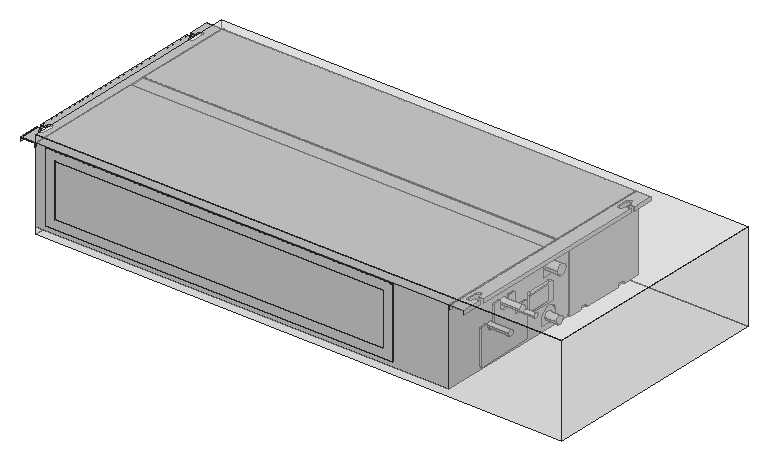
Revit family "outputfile", category 機械設備, Revit 2024
Family settings
  丸型コネクタ寸法 = 半径を使用
  パーツ タイプ = 標準
  OmniClass 番号 = 23.75.10.24.21.27.27
  OmniClass タイトル = Split System Air Conditioning Units
  作業面ベース = いいえ
  常に垂直 = はい
  ロード時にボイドで切り取り = いいえ
  注釈の向きを維持 = いいえ
  共有 = いいえ
  部屋計算ポイント = はい
Parameters (values of type "FPRSQ63APVM")
  Description = ""
  製造元 = "Daikin"
  書き出し IFC クラス(タイプ) = "IfcUnitaryEquipmentType"
  定義済み IFC タイプ(タイプ) = "AIRCONDITIONINGUNIT"
  Cost = 0
  モデル = "FPRSQ63APVM"
  Type Comments = ""
  Keynote = ""
  Type Image = (empty or 0)
  Assembly Code = ""
  r_HP/LP Gas Pipe Size = [HP/LP Gas Pipe Size] / 2  # 6.35 mm
  lw_suctionflange = 40.0 mm  # constant formula
  r_Liquid Pipe Size = Liquid Pipe Size / 2  # 4.75 mm
  r_Gas Pipe Size = Gas Pipe Size / 2  # 7.95 mm
  r_Drain Pipe Size = Drain Pipe Size / 2  # 13.0 mm
  lw_dischargeflange = 60.0 mm
  lw_SA_left = 551.0 mm
  lw_SA = Width - 178.0 mm  # 922.0 mm
  lw_RA = 1018.0 mm
  lw_HP/LP Gas = 60.0 mm  # constant formula
  lh_suctionflange [instance] = if(Rear Connection_Return Air, -100.0 mm, -10.0 mm)  # -100.0 mm
  lh_power = 100.0 mm  # constant formula
  lh_mountinghole1 = lh_mountinghole  # 200.0 mm
  lh_dischargeflange = 105.5 mm  # constant formula
  lh_RA = 198.0 mm  # constant formula
  lh_HP/LP Gas = -103.0 mm  # constant formula
  left_pipe = yes
  ld_dischargeflange = 310.0 mm  # constant formula
  ld_suctionflange [instance] = if(Rear Connection_Return Air, 190.0 mm, 100.0 mm)  # 190.0 mm
  ld_HP/LP Gas = 179.0 mm  # constant formula
  angle_vertical_RA [instance] = if(Rear Connection_Return Air, 90.00°, 0.00°)  # 90.00°
  angle horizontal_RA [instance] = if(Rear Connection_Return Air, 180.00°, 270.00°)  # 180.00°
  Voltage_comment_60Hz = "220-230"
  Voltage_comment_50Hz = "220 - 240"
  Voltage_60Hz = 220 V
  Voltage_50Hz = 230 V
  URL = ""
  Supply Air Direction [instance] = yes
  Sound Power Level_H speed (dB) = 0
  Rear Connection_Return Air [instance] = not(Bottom Connection_Return Air)  # yes
  ld_RA = 190.0 mm  # constant formula
  Phase_60Hz = 1
  Phase_50Hz = 1
  Minimum External Static Pressure = 0.00 Pa
  Minimum Circuit Amps_60Hz = 0.75 A
  Minimum Circuit Amps_50Hz = 0.75 A
  Maximum Fuse Amps_60Hz = 16.0 A
  Maximum Fuse Amps_50Hz = 16.0 A
  Maximum External Static Pressure = 10.00 Pa
  Material_Casing = DAIKIN_GalvanizedSteel_Casing_indoorunit
  lw_mountinghole = 1140.0 mm
  lh_gaspipe = -67.0 mm  # constant formula
  lh_mountinghole = 200.0 mm  # constant formula
  lh_liquidpipe = -103.0 mm  # constant formula
  lh_drainpipe = -50.0 mm  # constant formula
  lh_antena = 1.0 mm  # constant formula
  ld_drainpipe = 23.0 mm  # constant formula
  ld_liquidpipe = 89.0 mm  # constant formula
  ld_gaspipe = 134.0 mm  # constant formula
  ld_mountinghole = 500.0 mm  # constant formula
  h*** = 100.0 mm  # constant formula
  lw_liquidpipe = 54.5 mm  # constant formula
  lw_gaspipe = 54.5 mm  # constant formula
  lw_drainpipe = 33.0 mm  # constant formula
  Width = 1100.0 mm
  Version = "ver.1.0"
  Unit Type = "Moisture Control Intelligent 3D Air Flow Ceiling Mounted Duct Type"
  Unit Mass Weight = 32.00 kg
  Unit Designation [instance] = ""
  Uniclass2015Version = "Products v1.30"
  Uniclass2015Title = "Variable refrigerant flow units"
  Uniclass2015Code = "Pr_70_65_03_94"
  Total Cooling Capacity [instance] = 0.000 kW
  Sound Pressure Level_M speed (dBA) = 33
  Sound Pressure Level_L speed (dBA) = 31
  Sound Pressure Level_H speed (dBA) = 37
  Series = "VRV HOME_Fan Coil Unit"
  Sensible Cooling Capacity [instance] = 0.000 kW
  SA Duct Size Width = 856.0 mm
  SA Duct Size Height = 141.0 mm
  Refrigerant Type = "R410A"
  RA Duct Size Width = 980.0 mm
  RA Duct Size Height = 160.0 mm
  Power Input (Cooling) = 0.072 kW
  Option Accessory 3 [instance] = ""
  Option Accessory 2 [instance] = ""
  Option Accessory 1 [instance] = ""
  Nominal Cooling Capacity = 7.100 kW
  Minimum Airflow = 780.00 m³/h
  Median Airflow = 900.00 m³/h
  Maximum Airflow = 1050.00 m³/h
  Load Classification = HVAC
  Liquid Pipe Size = 9.5 mm
  Link_Nested Family [instance] = ""
  IfcVersion = ""
  IfcExportType = "AIRCONDITIONINGUNIT"
  IfcExportAs = "IfcUnitaryEquipmentType"
  Height = 200.0 mm
  Heat Exchanger Type = "Cross Fin Coil"
  HP/LP Gas Pipe Size = 12.7 mm
  Gas Pipe Size = 15.9 mm
  Frequency_60Hz = 60 Hz
  Frequency_50Hz = 50 Hz
  Fan Type = "Sirocco Fan"
  Fan Drive = "Direct Drive"
  FCU Tag No. [instance] = ""
  Drain Pipe Size = 26.0 mm
  Design Supply Airflow [instance] = 0.00 m³/h
  Design Return Airflow [instance] = 0.00 m³/h
  Design External Static Pressure [instance] = 0.00 Pa
  Depth = 620.0 mm
  既定の高さ = 0.0 mm
  Cooling Entering Wet Bulb Temperature [instance] = 0.00 °C
  Cooling Entering Dry Bulb Temperature [instance] = 0.00 °C
  Cooling Ambient Wet Bulb Temperature [instance] = 0.00 °C
  Cooling Ambient Dry Bulb Temperature [instance] = 0.00 °C
  Clearance visibility [instance] = yes
  Clearance Top = 20.0 mm
  Clearance Right = 300.0 mm
  Clearance Rear = 0.0 mm
  Clearance Left = 0.0 mm
  Clearance Front = 0.0 mm
  Clearance Bottom = 20.0 mm
  Bottom Connection_Return Air [instance] = no
Reference planes
  plane 1 "Center (Front/Back)": y = 0
  plane 2 "h": z = 0
  plane 3 "Center (Left/Right)": x = 0
  plane 4 "Back": y = 310
  plane 5 "Front": y = -310
  plane 6 "Left": x = -550
  plane 7 "Reight": x = 550
  plane 8 "Top": z = 0
  plane 9 "Bottom": z = -200
  plane 10: z = 1.2
  plane 11: z = -2
  plane 12: y = -136.255
  plane 13: y = -88.831
  plane 14: x = -370
  plane 15 "lh_mountinghole": z = 0
  plane 16: z = -50
  plane 17: y = -250
  plane 18: y = 250
  plane 19 "ld_liquidpipe": y = -89
  plane 20 "ld_gaspipe": y = -134
  plane 21: y = -215
  plane 22 "ld_drainpipe": y = 23
  plane 23: x = -570
  plane 24: x = -550
  plane 25: x = 548.7
  plane 26: x = 583
  plane 27: x = 557
  plane 28: x = 560
  plane 29: x = 558
  plane 30: x = 570
  plane 31: y = 20
  plane 32: x = 580
  plane 33: x = 548
  plane 34: y = 310
  plane 35: y = -310
  plane 36: x = -550
  plane 37: x = 850
  plane 38: z = 20
  plane 39: z = -220
  plane 40: y = 335
  plane 41: z = -198
  plane 42: z = 205.102
  plane 43 "d_liquid_pipe": x = 604.5
  plane 44 "d_gas_pipe": x = 604.5
  plane 45 "ld_SA": y = -310
  plane 46: x = -350
  plane 47: x = -60
  plane 48: y = 500
  plane 49: z = -94.5
  plane 50: x = -549
  plane 51: z = -199
  plane 52: z = -1
  plane 53: y = 120
  plane 54: y = 110
  plane 55: z = -10
  plane 56 "RA_width": x = -40
  plane 57: y = 210
  plane 58 "RA_depth": y = 120
  plane 59: z = -100
  plane 60: x = -349
  plane 61: y = 309
  plane 62: x = 441.57
  plane 63: z = -30
  plane 64 "ld_HP/LP Gas": y = -179
  plane 65: x = 610
  plane 66: x = 530.5
  plane 67: y = 260.8
  plane 68 "h115": z = -84.79
  plane 69: y = 194.79
Forms (mm)
  Extrusion 1, solid, material "DAIKIN_GalvanizedSteel_Casing_indoorunit" <- "Material_Casing"
    sketch origin (0, 0, 0) x (1, 0, 0) y (0, 1, 0)
      loop
        line (-550, 310) -> (-550, -310) -> (550, -310) -> (550, 310) -> (-550, 310)
    from -200 to 0
  Extrusion 2, solid, material "DAIKIN_GalvanizedSteel_Casing_indoorunit" <- "Material_Casing"
    sketch origin (0, 0, 0) x (0, 1, 0) y (0, 0, 1)
      loop
        arc (22.012, -86.909) -> (21.133, -84.787) -> (19.012, -83.909) r 3
        line (19.012, -83.909) -> (-47.992, -83.909)
        arc (-47.992, -83.909) -> (-50.114, -84.788) -> (-50.992, -86.91) r 3
        line (-50.992, -86.91) -> (-50.992, -128.409)
        arc (-50.992, -128.409) -> (-50.114, -130.53) -> (-47.992, -131.409) r 3
        line (-47.992, -131.409) -> (19.012, -131.409)
        arc (19.012, -131.409) -> (21.133, -130.53) -> (22.012, -128.409) r 3
        line (22.012, -128.409) -> (22.012, -86.909)
    from 550 to 560
  Extrusion 3, void
    sketch origin (0, 0, 0) x (1, 0, 0) y (0, 1, 0)
      loop
        line (548.7, 48.53) -> (-550, 48.53) -> (-550, 6.27) -> (548.7, 6.27) -> (548.7, 48.53)
    from -2 to 0
  Extrusion 4, void
    sketch origin (0, 0, 0) x (0, 1, 0) y (0, 0, 1)
      loop
        line (-138.492, -87.409) -> (-138.492, -127.909) -> (9.612, -127.909) -> (9.612, -87.409) -> (-138.492, -87.409)
    from 558 to 560
  Extrusion 5, solid, material "DAIKIN_GalvanizedSteel_Casing_indoorunit" <- "Material_Casing"
    sketch origin (0, 0, 0) x (0, 1, 0) y (0, 0, 1)
      loop
        circle (20, -170) r 10
    from 550 to 580
  Extrusion 6, solid, material "DAIKIN_GalvanizedSteel_Casing_indoorunit" <- "Material_Casing"
    sketch origin (0, 0, 0) x (0, 1, 0) y (0, 0, 1)
      loop
        circle (23, -50) r 13
    from 548 to 583
  Extrusion 7, void
    sketch origin (0, 0, 0) x (0, 1, 0) y (0, 0, 1)
      loop
        arc (2.051, -70.461) -> (3.512, -73.988) -> (7.039, -75.449) r 4.988
        line (7.039, -75.449) -> (38.961, -75.449)
        arc (38.961, -75.449) -> (42.488, -73.988) -> (43.949, -70.461) r 4.988
        line (43.949, -70.461) -> (43.949, -34.039)
        arc (43.949, -34.039) -> (42.488, -30.512) -> (38.961, -29.051) r 4.988
        line (38.961, -29.051) -> (7.039, -29.051)
        arc (7.039, -29.051) -> (3.512, -30.512) -> (2.051, -34.039) r 4.988
        line (2.051, -34.039) -> (2.051, -70.461)
      loop
        arc (44.442, -169.501) -> (20.002, -145.061) -> (-4.438, -169.501) r 24.44
        line (-4.438, -169.501) -> (-4.438, -189.537) -> (44.442, -189.537) -> (44.442, -169.501)
    from 548 to 550
  Extrusion 8, solid
    sketch origin (0, 0, 0) x (0, 1, 0) y (0, 0, 1)
      loop
        circle (-89, -103) r 4.75
    from 550 to 604.5
  Extrusion 9, solid
    sketch origin (0, 0, 0) x (0, 1, 0) y (0, 0, 1)
      loop
        circle (-134, -67) r 7.95
    from 550 to 604.5
  Extrusion 10, solid, material "DAIKIN_GalvanizedSteel_Casing_indoorunit" <- "Material_Casing"
    sketch origin (0, 0, 0) x (1, 0, 0) y (0, 1, 0)
      loop
        circle (530.5, 260.8) r 17.5
    from -198 to -200
  Extrusion 11, void
    sketch origin (0, 0, 0) x (1, 0, 0) y (0, 0, 1)
      loop
        line (-549, -1) -> (-549, -199) -> (469, -199) -> (469, -1) -> (-549, -1)
    from -310 to -120
  Extrusion 12, void
    sketch origin (0, 0, 0) x (1, 0, 0) y (0, 1, 0)
      loop
        line (-549, 309) -> (-549, 111) -> (469, 111) -> (469, 309) -> (-549, 309)
    from -200 to -10
  Extrusion 13, solid, material "DAIKIN_GalvanizedSteel_Casing_indoorunit" <- "Material_Casing", visible <- "Rear Connection_Return Air"
    sketch origin (0, 0, 0) x (1, 0, 0) y (0, 1, 0)
      loop
        line (469, 309) -> (-549, 309) -> (-549, 111) -> (469, 111) -> (469, 309)
    from -200 to -199
  Extrusion 14, solid, material "DAIKIN_GalvanizedSteel_Casing_indoorunit" <- "Material_Casing", visible <- "Bottom Connection_Return Air"
    sketch origin (0, 0, 0) x (1, 0, 0) y (0, 0, 1)
      loop
        line (469, -1) -> (-549, -1) -> (-549, -199) -> (469, -199) -> (469, -1)
    from -310 to -300
  Extrusion 15, solid
    sketch origin (0, 0, 0) x (0, 1, 0) y (0, 0, 1)
      loop
        circle (-179, -103) r 6.35
    from 550 to 610
  Extrusion 16, solid, material "DAIKIN_GalvanizedSteel_Casing_indoorunit" <- "Material_Casing"
    sketch origin (0, 0, 0) x (0, 1, 0) y (0, 0, 1)
      loop
        arc (83.953, -195.012) -> (84.829, -197.128) -> (86.945, -198.005) r 2.993
        line (86.945, -198.005) -> (116.373, -198.005)
        arc (116.373, -198.005) -> (118.489, -197.128) -> (119.366, -195.012) r 2.993
        line (119.366, -195.012) -> (119.366, -188.29)
        arc (119.366, -188.29) -> (120.862, -186.794) -> (122.359, -188.29) r 1.496
        line (122.359, -188.29) -> (122.359, -190.333) -> (137.322, -190.333) -> (137.322, -188.29)
        arc (137.322, -188.29) -> (138.818, -186.794) -> (140.315, -188.29) r 1.496
        line (140.315, -188.29) -> (140.315, -195.012)
        arc (140.315, -195.012) -> (141.191, -197.128) -> (143.307, -198.005) r 2.993
        line (143.307, -198.005) -> (241.068, -198.005)
        arc (241.068, -198.005) -> (243.185, -197.128) -> (244.061, -195.012) r 2.993
        line (244.061, -195.012) -> (244.061, -188.29)
        arc (244.061, -188.29) -> (245.558, -186.794) -> (247.054, -188.29) r 1.496
        line (247.054, -188.29) -> (247.054, -190.333) -> (262.017, -190.333) -> (262.017, -188.29)
        arc (262.017, -188.29) -> (263.514, -186.794) -> (265.01, -188.29) r 1.496
        line (265.01, -188.29) -> (265.01, -195.012)
        arc (265.01, -195.012) -> (265.887, -197.128) -> (268.003, -198.005) r 2.993
        line (268.003, -198.005) -> (310, -198.005) -> (310, -22.445) -> (280.969, -22.445) -> (277.477, -25.937) -> (207.648, -25.937) -> (204.157, -22.445) -> (86.945, -22.445)
        arc (86.945, -22.445) -> (84.829, -23.322) -> (83.953, -25.438) r 2.993
        line (83.953, -25.438) -> (83.953, -195.012)
      loop
        arc (-116.44, -57.656) -> (-118.563, -58.535) -> (-119.443, -60.659) r 3.003
        line (-119.443, -60.659) -> (-119.443, -71.5)
        arc (-119.443, -71.5) -> (-134, -86.057) -> (-148.557, -71.5) r 14.557
        line (-148.557, -71.5) -> (-148.557, -60.659)
        arc (-148.557, -60.659) -> (-149.437, -58.535) -> (-151.56, -57.656) r 3.003
        line (-151.56, -57.656) -> (-164.073, -57.656)
        arc (-164.073, -57.656) -> (-166.196, -58.535) -> (-167.076, -60.659) r 3.003
        line (-167.076, -60.659) -> (-167.076, -103)
        arc (-167.076, -103) -> (-179.13, -115.055) -> (-191.185, -103) r 12.055
        line (-191.185, -103) -> (-191.185, -98.897)
        arc (-191.185, -98.897) -> (-192.064, -96.774) -> (-194.188, -95.894) r 3.003
        line (-194.188, -95.894) -> (-208.202, -95.894)
        arc (-208.202, -95.894) -> (-210.325, -96.774) -> (-211.205, -98.897) r 3.003
        line (-211.205, -98.897) -> (-211.205, -189.537) -> (-58.882, -189.537) -> (-58.882, -98.897)
        arc (-58.882, -98.897) -> (-59.762, -96.774) -> (-61.885, -95.894) r 3.003
        line (-61.885, -95.894) -> (-74.026, -95.894)
        arc (-74.026, -95.894) -> (-76.15, -96.774) -> (-77.029, -98.897) r 3.003
        line (-77.029, -98.897) -> (-77.029, -103)
        arc (-77.029, -103) -> (-88.977, -114.948) -> (-100.924, -103) r 11.948
        line (-100.924, -103) -> (-100.924, -60.659)
        arc (-100.924, -60.659) -> (-101.804, -58.535) -> (-103.927, -57.656) r 3.003
        line (-103.927, -57.656) -> (-116.44, -57.656)
    from 550 to 557
  Revolve 17, solid, material "DAIKIN_GalvanizedSteel_Casing_indoorunit" <- "Material_Casing", visible <- "left_pipe"
    sketch origin (0, 0, -84.79) x (0, 1, 0) y (-1, 0, 0)
      loop
        line (194.79, 550) -> (194.79, 565.7) -> (187.29, 565.7) -> (187.29, 558.7) -> (177.29, 558.7) -> (177.29, 550) -> (194.79, 550)
      axis (194.79, 565.7) -> (194.79, 550)
    angle from 0 to 360
Cuts and joins
  Extrusion 3, Extrusion 4, Extrusion 7, Extrusion 11, Extrusion 12 cuts Extrusion 1
  Extrusion 4 cuts Extrusion 2
  Extrusion 11 cuts Extrusion 6
Dimensions and locks
  "Height": plane 8 "Top" to plane 9 "Bottom"
  locked: plane 10 to plane 8 "Top" at 1.2
  locked: plane 8 "Top" to plane 11 at 2
  equal spacing: plane 17, plane 1 "Center (Front/Back)", plane 18
  "ld_mountinghole": plane 17 to plane 18
  "ld_gaspipe": plane 20 "ld_gaspipe" to plane 1 "Center (Front/Back)"
  "ld_liquidpipe": plane 19 "ld_liquidpipe" to plane 1 "Center (Front/Back)"
  equal spacing: plane 4 "Back", plane 1 "Center (Front/Back)", plane 5 "Front"
  "Depth": plane 4 "Back" to plane 5 "Front"
  locked: plane 12 to plane 1 "Center (Front/Back)" at 136.255
  locked: plane 12 to plane 13 at 47.425
  locked: plane 13 to plane 1 "Center (Front/Back)" at 88.831
  equal spacing: plane 6 "Left", plane 3 "Center (Left/Right)", plane 7 "Reight"
  "Width": plane 6 "Left" to plane 7 "Reight"
  "lw_drainpipe": plane 7 "Reight" to plane 26
  locked: plane 7 "Reight" to plane 27 at 7
  locked: plane 28 to plane 26 at 23
  locked: plane 29 to plane 26 at 25
  equal spacing: plane 23, plane 3 "Center (Left/Right)", plane 30
  "lw_mountinghole": plane 23 to plane 30
  locked: plane 7 "Reight" to plane 32 at 30
  locked: plane 33 to plane 7 "Reight" at 2
  "Clearance Left": plane 36 to plane 6 "Left"
  "Clearance Right": plane 7 "Reight" to plane 37
  "Clearance Rear": plane 34 to plane 4 "Back"
  "Clearance Front": plane 5 "Front" to plane 35
  "Clearance Top": plane 38 to plane 8 "Top"
  "Clearance Bottom": plane 9 "Bottom" to plane 39
  locked: plane 40 to plane 4 "Back" at 25
  locked: plane 25 to plane 7 "Reight" at 1.3
  locked: plane 41 to plane 9 "Bottom" at 2
  "lw_liquidpipe": plane 7 "Reight" to plane 43 "d_liquid_pipe"
  "lw_gaspipe": plane 7 "Reight" to plane 44 "d_gas_pipe"
  "lh_mountinghole": plane 15 "lh_mountinghole" to plane 9 "Bottom"
  "ld_suctionflange": plane 48 to plane 4 "Back"
  "lw_dischargeflange": plane 47 to plane 3 "Center (Left/Right)"
  "lh_dischargeflange": plane 49 to plane 9 "Bottom"
  locked: plane 8 "Top" to plane 52 at 1
  locked: plane 50 to plane 6 "Left" at 1
  locked: plane 51 to plane 9 "Bottom" at 1
  locked: plane 55 to plane 9 "Bottom" at 190
  locked: plane 4 "Back" to plane 53 at 190
  locked: plane 4 "Back" to plane 54 at 200
  locked: plane 4 "Back" to plane 57 at 100
  "lw_suctionflange": plane 56 "RA_width" to plane 3 "Center (Left/Right)"
  "ld_suctionflange": plane 4 "Back" to plane 58 "RA_depth"
  "lh_power": plane 59 to plane 9 "Bottom"
  locked: plane 46 to plane 60 at 1
  locked: plane 34 to plane 61 at 1
  locked: plane 8 "Top" to plane 63 at 30
  locked: plane 7 "Reight" to plane 62 at 108.43
  locked: plane 16 to plane 9 "Bottom" at 150
  locked: Extrusion 3 sketch curve to Extrusion 3 sketch curve at 42.26
  "ld_HP/LP Gas": plane 64 "ld_HP/LP Gas" to plane 1 "Center (Front/Back)"
  "ld_drainpipe": plane 1 "Center (Front/Back)" to plane 22 "ld_drainpipe"
  locked: plane 1 "Center (Front/Back)" to plane 31 at 20
  locked: Extrusion 5 sketch curve to plane 9 "Bottom" at 30
  Extrusion 15 sketch curve to plane 9 "Bottom" = 97.0 mm
  "lw_HP/LP Gas": plane 7 "Reight" to plane 65
  locked: Extrusion 9 sketch curve to plane 9 "Bottom" at 133
  locked: Extrusion 8 sketch curve to plane 9 "Bottom" at 97
  plane 66 to plane 7 "Reight" = 19.5 mm
  locked: plane 68 "h115" to plane 9 "Bottom" at 115.21
  locked: plane 4 "Back" to plane 69 at 115.21
  Revolve 17 sketch curve to plane 6 "Left" = 8.7 mm
  Revolve 17 sketch curve to plane 6 "Left" = 15.7 mm
  locked: plane 69 to Revolve 17 sketch curve at 17.5
  locked: plane 69 to Revolve 17 sketch curve at 7.5
  "ld_dischargeflange": plane 45 "ld_SA" to plane 1 "Center (Front/Back)"
  plane 4 "Back" to cut or joined group of Extrusion 1, Extrusion 3, Extrusion 4, Extrusion 7, Extrusion 11, Extrusion 12 = 261.47 mm
  plane 4 "Back" to plane 67 = 49.2 mm
  "Drain Pipe Size": diameter of Extrusion 6 sketch curve
  "Liquid Pipe Size": diameter of Extrusion 8 sketch curve
  "Gas Pipe Size": diameter of Extrusion 9 sketch curve
  "HP/LP Gas Pipe Size": diameter of Extrusion 15 sketch curve
  aligned and locked: level to plane 2 "h"
  aligned and locked: plane 8 "Top" to Extrusion 1
  aligned and locked: Extrusion 1 to plane 9 "Bottom"
  aligned and locked: Extrusion 3 to plane 11
  aligned and locked: plane 8 "Top" to Extrusion 3
  aligned and locked: Extrusion 2 to Extrusion 4
  aligned and locked: nested 3 to plane 20 "ld_gaspipe"
  aligned and locked: nested 4 to plane 19 "ld_liquidpipe"
  aligned and locked: nested 5 to plane 22 "ld_drainpipe"
  aligned and locked: nested 1 to plane 7 "Reight"
  aligned and locked: plane 6 "Left" to plane 24
  aligned and locked: Extrusion 3 sketch curve to plane 24
  aligned and locked: Extrusion 3 sketch curve to plane 25
  aligned and locked: cut or joined group of Extrusion 1, Extrusion 3, Extrusion 4, Extrusion 7, Extrusion 11, Extrusion 12 to plane 6 "Left"
  aligned and locked: plane 7 "Reight" to cut or joined group of Extrusion 1, Extrusion 3, Extrusion 4, Extrusion 7, Extrusion 11, Extrusion 12
  aligned and locked: plane 26 to Extrusion 6
  aligned and locked: Extrusion 6 to plane 26  (x2)
  aligned and locked: plane 7 "Reight" to nested 1
  aligned and locked: plane 28 to cut or joined group of Extrusion 2, Extrusion 4
  aligned and locked: cut or joined group of Extrusion 2, Extrusion 4 to plane 29
  aligned and locked: nested 2 to plane 6 "Left"
  aligned and locked: plane 31 to Extrusion 5 sketch curve
  aligned and locked: Extrusion 5 to plane 7 "Reight"
  aligned and locked: plane 32 to Extrusion 5
  aligned and locked: Extrusion 2 to plane 7 "Reight"
  aligned and locked: plane 7 "Reight" to Extrusion 7
  aligned and locked: plane 33 to Extrusion 7
  aligned and locked: plane 33 to Extrusion 6
  aligned and locked: plane 3 "Center (Left/Right)" to nested 6
  aligned and locked: plane 1 "Center (Front/Back)" to nested 6
  aligned and locked: plane 4 "Back" to cut or joined group of Extrusion 1, Extrusion 3, Extrusion 4, Extrusion 7, Extrusion 11, Extrusion 12
  aligned and locked: nested 7 to plane 35
  aligned and locked: plane 36 to nested 7
  aligned and locked: plane 37 to nested 7
  aligned and locked: nested 7 to plane 36
  aligned and locked: plane 34 to nested 7
  aligned and locked: plane 38 to nested 7
  aligned and locked: plane 39 to nested 7
  aligned and locked: Extrusion 8 to plane 7 "Reight"
  aligned and locked: plane 43 "d_liquid_pipe" to Extrusion 8
  aligned and locked: plane 20 "ld_gaspipe" to Extrusion 9 sketch curve
  aligned and locked: Extrusion 9 to plane 7 "Reight"
  aligned and locked: plane 44 "d_gas_pipe" to Extrusion 9
  aligned and locked: plane 44 "d_gas_pipe" to nested 3
  aligned and locked: plane 43 "d_liquid_pipe" to nested 4
  aligned and locked: plane 19 "ld_liquidpipe" to Extrusion 8 sketch curve
  aligned and locked: plane 15 "lh_mountinghole" to nested 2
  aligned and locked: plane 15 "lh_mountinghole" to nested 1
  aligned and locked: plane 30 to nested 8
  aligned and locked: plane 17 to nested 8
  aligned and locked: plane 30 to nested 11
  aligned and locked: plane 18 to nested 11
  aligned and locked: plane 23 to nested 9
  aligned and locked: plane 18 to nested 9
  aligned and locked: plane 23 to nested 10
  aligned and locked: plane 17 to nested 10
  aligned and locked: plane 47 to nested 12
  aligned and locked: plane 49 to nested 12
  aligned and locked: Extrusion 10 to plane 9 "Bottom"
  aligned and locked: nested 13 to plane 9 "Bottom"
  aligned and locked: plane 50 to Extrusion 11 sketch curve
  aligned and locked: Extrusion 11 sketch curve to plane 52
  aligned and locked: plane 51 to Extrusion 11 sketch curve
  aligned and locked: plane 4 "Back" to Extrusion 11
  aligned and locked: Extrusion 12 to plane 9 "Bottom"
  aligned and locked: plane 55 to Extrusion 12
  aligned and locked: Extrusion 13 sketch curve to cut or joined group of Extrusion 1, Extrusion 3, Extrusion 4, Extrusion 7, Extrusion 11, Extrusion 12
  aligned and locked: cut or joined group of Extrusion 1, Extrusion 3, Extrusion 4, Extrusion 7, Extrusion 11, Extrusion 12 to Extrusion 13 sketch curve
  aligned and locked: Extrusion 13 to plane 9 "Bottom"
  aligned and locked: Extrusion 11 to plane 53
  aligned and locked: Extrusion 14 sketch curve to cut or joined group of Extrusion 1, Extrusion 3, Extrusion 4, Extrusion 7, Extrusion 11, Extrusion 12  (x3)
  aligned and locked: plane 4 "Back" to Extrusion 14
  aligned and locked: Extrusion 13 to cut or joined group of Extrusion 1, Extrusion 3, Extrusion 4, Extrusion 7, Extrusion 11, Extrusion 12
  aligned and locked: plane 7 "Reight" to nested 5
  aligned and locked: plane 22 "ld_drainpipe" to nested 5
  aligned and locked: nested 2 to plane 1 "Center (Front/Back)"
  aligned and locked: plane 22 "ld_drainpipe" to Extrusion 6 sketch curve
  aligned and locked: plane 7 "Reight" to nested 17
  aligned and locked: plane 64 "ld_HP/LP Gas" to nested 17
  aligned and locked: plane 64 "ld_HP/LP Gas" to Extrusion 15 sketch curve
  aligned and locked: Extrusion 15 to plane 65
  aligned and locked: Extrusion 16 to plane 7 "Reight"
  aligned and locked: Extrusion 16 to plane 27
  aligned and locked: Extrusion 10 sketch curve to plane 67
  aligned and locked: plane 66 to Extrusion 10 sketch curve
  aligned and locked: plane 66 to nested 13
  aligned and locked: nested 13 to plane 67
  aligned and locked: Extrusion 13 sketch curve to nested 16
  aligned and locked: plane 56 "RA_width" to nested 15
  aligned and locked: Extrusion 15 to plane 7 "Reight"
  aligned and locked: plane 56 "RA_width" to nested 16
  aligned and locked: Revolve 17 sketch curve to plane 69  (x2)
  aligned and locked: nested 15 to plane 58 "RA_depth"
  aligned and locked: plane 47 to nested 18
  aligned and locked: nested 18 to plane 49
  aligned and locked: plane 1 "Center (Front/Back)" to nested 12
  aligned and locked: plane 45 "ld_SA" to nested 18
  aligned and locked: plane 5 "Front" to Extrusion 1 sketch curve
Automatic sketch dimensions
  Extrusion 1 sketch curve to plane 6 "Left" = 0.0 mm
  Extrusion 1 sketch curve to plane 7 "Reight" = 0.0 mm
  Extrusion 1 sketch curve to plane 4 "Back" = 0.0 mm
  plane 6 "Left" to Extrusion 12 sketch curve = 1.0 mm
  Extrusion 12 sketch curve to plane 7 "Reight" = 81.0 mm
  Extrusion 12 sketch curve to plane 4 "Back" = 1.0 mm
  Extrusion 13 sketch curve to plane 4 "Back" = 1.0 mm
  plane 33 to Extrusion 14 sketch curve = 79.0 mm
  plane 33 to Extrusion 11 sketch curve = 79.0 mm
  plane 54 to Extrusion 12 sketch curve = 1.0 mm
  Extrusion 6 sketch curve to plane 16 = 0.0 mm
  Extrusion 2 sketch curve to Extrusion 2 sketch curve = 3.0 mm  (x5)
  Extrusion 2 sketch curve to plane 49 = 7.591 mm
  Extrusion 4 sketch curve to plane 49 = 7.091 mm
  Extrusion 4 sketch curve to plane 1 "Center (Front/Back)" = 9.612 mm
  plane 20 "ld_gaspipe" to Extrusion 4 sketch curve = 4.492 mm
  Extrusion 4 sketch curve to plane 59 = 27.909 mm
  plane 22 "ld_drainpipe" to Extrusion 2 sketch curve = 3.988 mm
  Extrusion 2 sketch curve to plane 59 = 28.409 mm
  Extrusion 2 sketch curve to plane 19 "ld_liquidpipe" = 41.008 mm
  plane 1 "Center (Front/Back)" to Extrusion 7 sketch curve = 4.438 mm
  Extrusion 7 sketch curve to plane 1 "Center (Front/Back)" = 2.051 mm
  plane 63 to Extrusion 7 sketch curve = 0.949 mm
  Extrusion 7 sketch curve to plane 1 "Center (Front/Back)" = 7.039 mm  (x2)
  plane 22 "ld_drainpipe" to Extrusion 7 sketch curve = 2.998 mm
  Extrusion 7 sketch curve to plane 22 "ld_drainpipe" = 15.961 mm  (x2)
  Extrusion 7 sketch curve to Extrusion 7 sketch curve = 4.988 mm
  Extrusion 7 sketch curve to plane 49 = 24.039 mm
  plane 41 to Extrusion 7 sketch curve = 28.499 mm
  plane 41 to Extrusion 7 sketch curve = 8.463 mm
  Extrusion 16 sketch curve to plane 21 = 3.795 mm  (x2)
  Extrusion 16 sketch curve to Extrusion 16 sketch curve = 3.003 mm  (x6)
  plane 49 to Extrusion 16 sketch curve = 1.394 mm  (x4)
  Extrusion 16 sketch curve to Extrusion 16 sketch curve = 0.0 mm  (x18)
  plane 49 to Extrusion 16 sketch curve = 4.397 mm  (x2)
  Extrusion 16 sketch curve to Extrusion 16 sketch curve = 14.014 mm
  Extrusion 16 sketch curve to plane 64 "ld_HP/LP Gas" = 0.13 mm
  plane 64 "ld_HP/LP Gas" to Extrusion 16 sketch curve = 11.924 mm
  Extrusion 16 sketch curve to Extrusion 16 sketch curve = 12.513 mm  (x2)
  plane 20 "ld_gaspipe" to Extrusion 16 sketch curve = 0.0 mm
  Extrusion 16 sketch curve to plane 59 = 3.0 mm  (x3)
  plane 19 "ld_liquidpipe" to Extrusion 16 sketch curve = 11.924 mm
  Extrusion 16 sketch curve to plane 19 "ld_liquidpipe" = 0.023 mm
  Extrusion 16 sketch curve to Extrusion 16 sketch curve = 12.141 mm
  plane 41 to Extrusion 16 sketch curve = 8.463 mm
  Extrusion 16 sketch curve to plane 19 "ld_liquidpipe" = 30.118 mm
  plane 63 to Extrusion 16 sketch curve = 4.562 mm
  Extrusion 16 sketch curve to plane 53 = 36.047 mm
  Extrusion 16 sketch curve to Extrusion 16 sketch curve = 2.993 mm  (x4)
  Extrusion 16 sketch curve to plane 41 = 0.005 mm  (x3)
  Extrusion 16 sketch curve to plane 53 = 3.627 mm
  Extrusion 16 sketch curve to plane 53 = 0.634 mm
  plane 53 to Extrusion 16 sketch curve = 0.862 mm
  Extrusion 16 sketch curve to Extrusion 16 sketch curve = 14.963 mm
  Extrusion 16 sketch curve to Extrusion 16 sketch curve = 1.496 mm  (x3)
  Extrusion 16 sketch curve to plane 57 = 5.843 mm
  Extrusion 16 sketch curve to plane 57 = 2.352 mm
  plane 18 to Extrusion 16 sketch curve = 8.932 mm
  plane 18 to Extrusion 16 sketch curve = 5.939 mm
  Extrusion 16 sketch curve to plane 18 = 12.017 mm
  plane 63 to Extrusion 16 sketch curve = 4.063 mm
  Extrusion 16 sketch curve to plane 18 = 27.477 mm
  Extrusion 16 sketch curve to Extrusion 16 sketch curve = 3.491 mm
  Extrusion 16 sketch curve to plane 4 "Back" = 0.0 mm
  Extrusion 16 sketch curve to Extrusion 16 sketch curve = 4.679 mm  (x2)
  Extrusion 16 sketch curve to Extrusion 16 sketch curve = 2.042 mm  (x4)
  Extrusion 16 sketch curve to plane 49 = 23.0 mm
  Extrusion 16 sketch curve to Extrusion 16 sketch curve = 10.841 mm  (x4)
  plane 63 to Extrusion 16 sketch curve = 7.555 mm
  Revolve 17 sketch curve to plane 6 "Left" = 0.0 mm
  plane 60 to Revolve 17 sketch curve = 53.3 mm
  Revolve 17 sketch curve to plane 14 = 10.7 mm
  Extrusion 3 sketch curve to plane 1 "Center (Front/Back)" = 6.27 mm
  radius of Extrusion 5 sketch curve = 10.0 mm
  radius of Extrusion 10 sketch curve = 17.5 mm
Nested families
  nested 1: "daikin_hangerfixture_FPRSQ-APVM" at (550, 0, 0), type "daikin_hangerfixture_FPRSQ-APVM"
  nested 2: "daikin_hangerfixture_FPRSQ-APVM" at (-550, 0, 0) x (-1, 0, 0) z (0, 0, 1), type "daikin_hangerfixture_FPRSQ-APVM"
  nested 3: "daikin_connector_rotate2" at (550, -134, -67) x (0, 1, 0) z (0, 0, 1), length <- "lw_gaspipe", built-in parameter 1001364 <- "lh_gaspipe", type "daikin_connector_rotate2"
    with radius 6.35 mm, length 54.5 mm, angle_vertical 90.00°
  nested 4: "daikin_connector_rotate2" at (550, -89, -103) x (0, 1, 0) z (0, 0, 1), length <- "lw_liquidpipe", built-in parameter 1001364 <- "lh_liquidpipe", type "daikin_connector_rotate2"
    with radius 3.2 mm, length 54.5 mm, angle_vertical 90.00°
  nested 5: "daikin_connector_rotate2" at (550, 23, -50) x (0, 1, 0) z (0, 0, 1), length <- "lw_drainpipe", built-in parameter 1001364 <- "lh_drainpipe", type "daikin_connector_rotate2"
    with radius 10.0 mm, length 33.0 mm, angle_vertical 90.00°
  nested 6: "daikin_△_symbolicline" at (0, 0, 200), built-in parameter 1001364 <- "Height", visible <- "Supply Air Direction", type "daikin_△_symbolicline"
    with length 200.0 mm
  nested 7: "daikin_clearancespace" at (150, 0, -99.881), visible <- "Clearance visibility", show <- "Clearance visibility", Link_Nested Family <- "Link_Nested Family", type "daikin_clearancespace"
    with width 1400.0 mm, show yes, height 240.0 mm, depth 620.0 mm, Link_Nested Family ""
  nested 8: "daikin_mountinghole" at (570, -250, -200), l_antenna <- "lh_antena", Link_Nested Family <- "Link_Nested Family", h_mountinghole <- "lh_mountinghole1", type "daikin_mountinghole"
    with show yes, l_antenna 1.0 mm, h_mountinghole 200.0 mm, Link_Nested Family ""
  nested 9: "daikin_mountinghole" at (-570, 250, -200), l_antenna <- "lh_antena", Link_Nested Family <- "Link_Nested Family", h_mountinghole <- "lh_mountinghole1", type "daikin_mountinghole"
    with show yes, l_antenna 1.0 mm, h_mountinghole 200.0 mm, Link_Nested Family ""
  nested 10: "daikin_mountinghole" at (-570, -250, -200), l_antenna <- "lh_antena", Link_Nested Family <- "Link_Nested Family", h_mountinghole <- "lh_mountinghole1", type "daikin_mountinghole"
    with show yes, l_antenna 1.0 mm, h_mountinghole 200.0 mm, Link_Nested Family ""
  nested 11: "daikin_mountinghole" at (570, 250, -200), l_antenna <- "lh_antena", Link_Nested Family <- "Link_Nested Family", h_mountinghole <- "lh_mountinghole1", type "daikin_mountinghole"
    with show yes, l_antenna 1.0 mm, h_mountinghole 200.0 mm, Link_Nested Family ""
  nested 12: "daikin_connector_rotate2" at (-60, 0, -94.5), length <- "ld_dischargeflange", type "daikin_connector_rotate2"
    with radius 10.0 mm, length 310.0 mm, angle_vertical 90.00°
  nested 13: "daikin_connector_rotate2" at (530.5, 260.8, -100) x (1, 0, 0) z (0, -1, 0), length <- "lh_power", type "daikin_connector_rotate2"
    with radius 10.0 mm, length 100.0 mm, angle_vertical 90.00°
  nested 14: "daikin_ductflange_FPRSQ-APVM2" at (-40, 310, -199), height <- "lh_RA", width <- "lw_RA", visible <- "Rear Connection_Return Air", type "daikin_ductflange_FPRSQ-APVM2"
    with width 1018.0 mm, height 198.0 mm, depth 8.188 mm
  nested 15: "daikin_connector_rotate3" at (-40, 120, -100), built-in parameter 1001364 <- "lh_suctionflange", length <- "ld_RA", angle_vertical <- "angle_vertical_RA", angle_horizontal <- "angle horizontal_RA", type "daikin_connector_rotate3"
    with show no, radius 10.0 mm, length 190.0 mm, angle_vertical 90.00°, angle_horizontal 180.00°
  nested 16: "daikin_ductflange_FPRSQ-APVM2" at (-40, 111, -200) x (1, 0, 0) z (0, 1, 0), width <- "lw_RA", height <- "lh_RA", visible <- "Bottom Connection_Return Air", type "daikin_ductflange_FPRSQ-APVM2"
    with width 1018.0 mm, height 198.0 mm, depth 562.323 mm
  nested 17: "daikin_connector_rotate2" at (550, -179, -103) x (0, 1, 0) z (0, 0, 1), length <- "lw_HP/LP Gas", built-in parameter 1001364 <- "lh_HP/LP Gas", type "daikin_connector_rotate2"
    with radius 4.8 mm, length 60.0 mm, angle_vertical 90.00°
  nested 18: "daikin_ductflange_FPRSQ-APVM3" at (-60, -310, -193.5), height <- "lh_RA", width <- "lw_SA", type "daikin_ductflange_FPRSQ-APVM3"
    with width 922.0 mm, height 198.0 mm, depth 1.0 mm
Connectors
  piping at (604.5, -134, -67), diameter 15.9, driven by "r_Gas Pipe Size"
    settings: on nested 3, index 3, connector inside diameter 609.6 mm, connector length 0.0 mm, flow factor 0, pipe flow 0.00 m³/h, pressure drop 0.0 Pa, fitting loss kfactor 0, connector angle 0.00°, fixture units 0, engagement length 0.0 mm, angle of deflection 0.00°, flow configuration 1, flow direction 2, fitting loss method 0, system type 29, joint type 0, gender type 0, connector reference index -1, connector utility 0, adjustable connector no, is connector primary yes, connector description "Refrigerant Gas Piping"
  piping at (604.5, -89, -103), diameter 9.5, driven by "r_Liquid Pipe Size"
    settings: on nested 4, index 4, connector inside diameter 609.6 mm, connector length 0.0 mm, flow factor 0, pipe flow 0.00 m³/h, pressure drop 0.0 Pa, fitting loss kfactor 0, connector angle 0.00°, fixture units 0, engagement length 0.0 mm, angle of deflection 0.00°, flow configuration 1, flow direction 1, fitting loss method 0, system type 29, joint type 0, gender type 0, connector reference index -1, connector utility 0, adjustable connector no, is connector primary no, connector description "Refrigerant Liquid Piping"
  piping at (583, 23, -50), diameter 26, driven by "r_Drain Pipe Size"
    settings: on nested 5, index 5, connector inside diameter 609.6 mm, connector length 0.0 mm, flow factor 0, pipe flow 0.00 m³/h, pressure drop 0.0 Pa, fitting loss kfactor 0, connector angle 0.00°, fixture units 0, engagement length 0.0 mm, angle of deflection 0.00°, flow configuration 1, flow direction 2, fitting loss method 4, system type 16, joint type 0, gender type 0, connector reference index -1, connector utility 0, adjustable connector no, is connector primary no, connector description "Condensate Drain Piping"
  electrical at (530.5, 260.8, -200), driven by "Load Classification"
    settings: on nested 13, index 12, voltage 0 V, apparent load 0 VA, apparent load phase1 0 VA, apparent load phase2 0 VA, apparent load phase3 0 VA, power factor 1, load classification "HVAC", number of poles 1, system type 30, power factor state 1, is connector primary yes, connector utility no, sub classification motor no, connector description "Power Supply"
  hvac at (-40, 310, -100), driven by "RA Duct Size Height", driven by "RA Duct Size Width"
    settings: on nested 15, index 13, duct flow 0.00 m³/h, flow factor 0, pres drop 0.00 Pa, loss coef 0, conn angle 0.00°, conn width 980.0 mm, conn height 160.0 mm, conn diameter 609.6 mm, duct sys type 2, conn prof type 1, flow config 0, flow direction 1, loss method 4, conn ref index -1, conn util no, is conn primary yes, conn desc "RA Duct"
  piping at (610, -179, -103), diameter 12.7, driven by "r_HP/LP Gas Pipe Size"
    settings: on nested 17, index 14, connector inside diameter 609.6 mm, connector length 0.0 mm, flow factor 0, pipe flow 0.00 m³/h, pressure drop 0.0 Pa, fitting loss kfactor 0, connector angle 0.00°, fixture units 0, engagement length 0.0 mm, angle of deflection 0.00°, flow configuration 1, flow direction 0, fitting loss method 0, system type 29, joint type 0, gender type 0, connector reference index -1, connector utility 0, adjustable connector no, is connector primary no, connector description "Refrigerant HP/LP Gas Piping"
  hvac at (-60, -310, -94.5), driven by "SA Duct Size Height", driven by "SA Duct Size Width"
    settings: on nested 12, index 15, duct flow 0.00 m³/h, flow factor 0, pres drop 0.00 Pa, loss coef 0, conn angle 0.00°, conn width 856.0 mm, conn height 141.0 mm, conn diameter 609.6 mm, duct sys type 1, conn prof type 1, flow config 0, flow direction 2, loss method 4, conn ref index -1, conn util no, is conn primary no, conn desc "SA Duct"
Definition of nested family "daikin_hangerfixture_FPRSQ-APVM"
  Parameters (values of type "daikin_hangerfixture_FXDSQ-AVM")
    width = 40.0 mm
    material = none
    height = 10.0 mm
    depth = 620.0 mm
    Default Elevation = 0.0 mm
  Reference planes
    plane 1 "Center (Front/Back)": y = 0
    plane 2: z = 0
    plane 3 "Center (Left/Right)": x = 0
    plane 4: y = 417.146
    plane 5: z = -1.6
    plane 6: x = 40
    plane 7: y = 310
    plane 8: y = -310
    plane 9: y = -313.5
    plane 10: y = 313.5
    plane 11: z = -10
    plane 12: x = 1.5
  Forms (mm)
    Extrusion 1, solid, material <- "material"
      sketch origin (0, 0, 0) x (1, 0, 0) y (0, 1, 0)
        loop
          line (12.981, 236.965) -> (12.981, 263.035)
          arc (12.981, 263.035) -> (20, 270.054) -> (27.019, 263.035) r 7.019
          line (27.019, 263.035) -> (27.019, 256.518) -> (40, 256.518) -> (40, 310) -> (0, 310) -> (0, -310) -> (40, -310) -> (40, -256.518) -> (27.019, -256.518) -> (27.019, -263.035)
          arc (27.019, -263.035) -> (20, -270.054) -> (12.981, -263.035) r 7.019
          line (12.981, -263.035) -> (12.981, -236.965)
          arc (12.981, -236.965) -> (20, -229.946) -> (27.019, -236.965) r 7.019
          line (27.019, -236.965) -> (27.019, -243.482) -> (40, -243.482) -> (40, 243.482) -> (27.019, 243.482) -> (27.019, 236.965)
          arc (27.019, 236.965) -> (20, 229.946) -> (12.981, 236.965) r 7.019
      from -1.6 to 0
    Extrusion 2, solid, material <- "material"
      sketch origin (0, 0, 0) x (0, 1, 0) y (0, 0, 1)
        loop
          line (310, -10) -> (310, 0) -> (-310, 0) -> (-310, -10) -> (310, -10)
      from 0 to 1.5
    Extrusion 3, solid, material <- "material"
      sketch origin (0, 0, 0) x (0, 1, 0) y (0, 0, 1)
        loop
          line (-310, -10) -> (-256.518, -10) -> (-256.518, 0) -> (-310, 0) -> (-310, -10)
        loop
          line (310, -10) -> (310, 0) -> (256.518, 0) -> (256.518, -10) -> (310, -10)
        loop
          line (-243.482, 0) -> (-243.482, -10) -> (243.482, -10) -> (243.482, 0) -> (-243.482, 0)
      from 38.442 to 40
  Cuts and joins
    joined: Extrusion 1, Extrusion 2, Extrusion 3
  Dimensions and locks
    "width": plane 3 "Center (Left/Right)" to plane 6
    "depth": plane 8 to plane 7
    equal spacing: plane 8, plane 1 "Center (Front/Back)", plane 7
    locked: plane 9 to plane 8 at 3.5
    locked: plane 7 to plane 10 at 3.5
    "height": level to plane 11
    locked: plane 12 to plane 3 "Center (Left/Right)" at 1.5
    locked: Extrusion 3 to plane 6 at 1.558
    aligned and locked: level to plane 2
    aligned and locked: level to Extrusion 1
    aligned and locked: Extrusion 1 to plane 5
    aligned and locked: level to Extrusion 2 sketch curve
    aligned and locked: plane 12 to Extrusion 2
    aligned and locked: level to Extrusion 3 sketch curve
    aligned and locked: plane 6 to cut or joined group of Extrusion 1, Extrusion 2, Extrusion 3
    aligned and locked: cut or joined group of Extrusion 1, Extrusion 2, Extrusion 3 to plane 11
  Automatic sketch dimensions
    Extrusion 2 sketch curve to plane 7 = 0.0 mm
    Extrusion 1 sketch curve to plane 3 "Center (Left/Right)" = 0.0 mm
    Extrusion 1 sketch curve to plane 6 = 0.0 mm  (x3)
    plane 8 to Extrusion 1 sketch curve = 0.0 mm
    plane 7 to Extrusion 1 sketch curve = 0.0 mm
    plane 12 to Extrusion 1 sketch curve = 11.481 mm  (x2)
    Extrusion 1 sketch curve to Extrusion 1 sketch curve = 7.019 mm  (x4)
    Extrusion 1 sketch curve to plane 8 = 46.965 mm
    Extrusion 1 sketch curve to Extrusion 1 sketch curve = 6.518 mm  (x4)
    Extrusion 1 sketch curve to Extrusion 1 sketch curve = 13.035 mm  (x2)
    plane 7 to Extrusion 1 sketch curve = 73.035 mm
    Extrusion 3 sketch curve to plane 8 = 0.0 mm
    Extrusion 3 sketch curve to level = 0.0 mm  (x2)
    Extrusion 3 sketch curve to plane 7 = 0.0 mm
    Extrusion 3 sketch curve to plane 8 = 53.482 mm
    Extrusion 3 sketch curve to Extrusion 3 sketch curve = 13.035 mm  (x2)
    plane 7 to Extrusion 3 sketch curve = 66.518 mm
    Extrusion 2 sketch curve to plane 8 = 0.0 mm
    Extrusion 2 sketch curve to plane 11 = 0.0 mm
    Extrusion 3 sketch curve to plane 11 = 0.0 mm  (x3)
Definition of nested family "daikin_clearancespace"
  Parameters (values of type "daikin_clearancespace")
    Description = "daikin_clearancespace"
    width [instance] = 1823.963 mm
    show [instance] = yes
    material = none
    height [instance] = 1359.762 mm
    depth [instance] = 880.0 mm
    Default Elevation = 0.0 mm
    Link_Nested Family [instance] = ""
  Reference planes
    plane 1 "Center (Front/Back)": y = 0
    plane 2 "Center (Elevation)": z = -0.119
    plane 3 "Center (Left/Right)": x = 0
    plane 4: y = 440
    plane 5: y = -440
    plane 6 "Right": x = 911.982
    plane 7 "Left": x = -911.982
    plane 8 "Top": z = 679.762
    plane 9 "Bottom": z = -680
  Forms (mm)
    Extrusion 1, solid, material <- "material", visible <- "show"
      sketch origin (0, 0, 0) x (1, 0, 0) y (0, 1, 0)
        loop
          line (-911.982, 440) -> (-911.982, -440) -> (911.982, -440) -> (911.982, 440) -> (-911.982, 440)
      from -680 to 679.762
  Lines and regions (mm)
    symbolic lines, visible <- "show"
      curve 1: line (911.982, 440, 0) -> (-911.982, 440, 0)
      curve 2: line (-911.982, 440, 0) -> (-911.982, -440, 0)
      curve 3: line (-911.982, -440, 0) -> (911.982, -440, 0)
      curve 4: line (911.982, -440, 0) -> (911.982, 440, 0)
      curve 5: line (911.982, 0, 679.762) -> (-911.982, 0, 679.762)
      curve 6: line (911.982, 0, -680) -> (911.982, 0, 679.762)
      curve 7: line (-911.982, 0, -680) -> (911.982, 0, -680)
      curve 8: line (-911.982, 0, 679.762) -> (-911.982, 0, -680)
      curve 9: line (0, 440, 679.762) -> (0, -440, 679.762)
      curve 10: line (0, -440, 679.762) -> (0, -440, -680)
      curve 11: line (0, 440, -680) -> (0, 440, 679.762)
      curve 12: line (0, -440, -680) -> (0, 440, -680)
  Dimensions and locks
    "width": plane 7 "Left" to plane 6 "Right"
    "depth": plane 4 to plane 5
    "height": plane 8 "Top" to plane 9 "Bottom"
    equal spacing: plane 7 "Left", plane 3 "Center (Left/Right)", plane 6 "Right"
    equal spacing: plane 4, plane 1 "Center (Front/Back)", plane 5
    equal spacing: plane 8 "Top", plane 2 "Center (Elevation)", plane 9 "Bottom"
    aligned and locked: level to plane 2 "Center (Elevation)"
    aligned and locked: Extrusion 1 sketch curve to plane 4
    aligned and locked: plane 7 "Left" to Extrusion 1 sketch curve
    aligned and locked: Extrusion 1 sketch curve to plane 5
    aligned and locked: Extrusion 1 sketch curve to plane 6 "Right"
    aligned and locked: plane 8 "Top" to Extrusion 1
    aligned and locked: curve 1 to Extrusion 1
    aligned and locked: curve 2 to Extrusion 1
    aligned and locked: curve 3 to Extrusion 1
    aligned and locked: curve 4 to Extrusion 1
    aligned and locked: curve 5 to Extrusion 1
    aligned and locked: curve 6 to Extrusion 1
    aligned and locked: curve 7 to Extrusion 1
    aligned and locked: curve 8 to Extrusion 1
    aligned and locked: curve 9 to Extrusion 1
    aligned and locked: curve 10 to Extrusion 1
    aligned and locked: curve 11 to Extrusion 1
    aligned and locked: curve 12 to Extrusion 1
    aligned and locked: Extrusion 1 to plane 9 "Bottom"
Definition of nested family "daikin_ductflange_FPRSQ-APVM2"
  Parameters (values of type "daikin_ductflange_FXDSQ-AVM2")
    width [instance] = 620.0 mm
    material = none
    height [instance] = 198.0 mm
    depth [instance] = 1.0 mm
    Default Elevation = 0.0 mm
  Reference planes
    plane 1 "Center (Front/Back)": y = 0
    plane 2: z = 0
    plane 3 "Center (Left/Right)": x = 0
    plane 4: x = -310
    plane 5: x = 310
    plane 6 "Top": z = 198
    plane 7: y = -1
    plane 8: z = 179
    plane 9: z = 19
    plane 10 "Center (Elevation)": z = 99
    plane 11: x = -291
    plane 12: x = 291
  Forms (mm)
    Extrusion 1, solid, material <- "material"
      sketch origin (0, 0, 0) x (1, 0, 0) y (0, 0, 1)
        loop
          line (-310, 198) -> (-310, 0) -> (310, 0) -> (310, 198) -> (-310, 198)
        loop
          line (-291, 179) -> (-291, 19) -> (291, 19) -> (291, 179) -> (-291, 179)
      from 0 to 1
  Dimensions and locks
    "height": plane 6 "Top" to plane 2
    "width": plane 4 to plane 5
    equal spacing: plane 4, plane 3 "Center (Left/Right)", plane 5
    Extrusion 1 sketch curve to Extrusion 1 sketch curve = 19.0 mm  (x4)
    "depth": plane 7 to plane 1 "Center (Front/Back)"
    locked: plane 6 "Top" to plane 8 at 19
    locked: plane 9 to plane 2 at 19
    equal spacing: plane 6 "Top", plane 10 "Center (Elevation)", plane 2
    locked: plane 11 to plane 4 at 19
    locked: plane 5 to plane 12 at 19
    aligned and locked: level to plane 2
    aligned and locked: Extrusion 1 sketch curve to plane 6 "Top"
    aligned and locked: plane 4 to Extrusion 1 sketch curve
    aligned and locked: Extrusion 1 sketch curve to plane 5
    aligned and locked: plane 2 to Extrusion 1 sketch curve
    aligned and locked: plane 11 to Extrusion 1
    aligned and locked: Extrusion 1 to plane 12
    aligned and locked: plane 9 to Extrusion 1
    aligned and locked: Extrusion 1 to plane 8
Definition of nested family "daikin_ductflange_FPRSQ-APVM3"
  Parameters (values of type "daikin_ductflange_FPRSQ-APVM3")
    width [instance] = 620.0 mm
    material = none
    height [instance] = 198.0 mm
    depth [instance] = 1.0 mm
    Default Elevation = 0.0 mm
  Reference planes
    plane 1 "Center (Front/Back)": y = 0
    plane 2: z = 0
    plane 3 "Center (Left/Right)": x = 0
    plane 4: x = -310
    plane 5: x = 310
    plane 6 "Top": z = 198
    plane 7: y = -1
    plane 8: z = 192.5
    plane 9: z = 5.5
    plane 10 "Center (Elevation)": z = 99
    plane 11: x = -287
    plane 12: x = 287
    plane 13: z = 28.5
    plane 14: z = 169.5
  Forms (mm)
    Extrusion 1, solid, material <- "material"
      sketch origin (0, 0, -785) x (1, 0, 0) y (0, 0, 1)
        loop
          line (-310, 977.5) -> (-310, 790.5) -> (310, 790.5) -> (310, 977.5) -> (-310, 977.5)
        loop
          line (-287, 954.5) -> (-287, 813.5) -> (287, 813.5) -> (287, 954.5) -> (-287, 954.5)
      from 0 to 1
  Dimensions and locks
    "height": plane 6 "Top" to plane 2
    "width": plane 4 to plane 5
    equal spacing: plane 4, plane 3 "Center (Left/Right)", plane 5
    "depth": plane 7 to plane 1 "Center (Front/Back)"
    equal spacing: plane 6 "Top", plane 10 "Center (Elevation)", plane 2
    locked: plane 11 to plane 4 at 23
    locked: plane 5 to plane 12 at 23
    locked: plane 13 to plane 9 at 23
    locked: plane 6 "Top" to plane 8 at 5.5
    locked: plane 8 to plane 14 at 23
    locked: plane 14 to plane 13 at 141
    aligned and locked: level to plane 2
    aligned and locked: plane 4 to Extrusion 1 sketch curve
    aligned and locked: Extrusion 1 sketch curve to plane 5
    aligned and locked: plane 11 to Extrusion 1  (x2)
    aligned and locked: Extrusion 1 to plane 12  (x2)
    aligned and locked: plane 5 to Extrusion 1
    aligned and locked: Extrusion 1 to plane 4
    aligned and locked: Extrusion 1 sketch curve to plane 8
    aligned and locked: Extrusion 1 sketch curve to plane 14
    aligned and locked: Extrusion 1 sketch curve to plane 13
    aligned and locked: Extrusion 1 sketch curve to plane 9
    aligned and locked: Extrusion 1 sketch curve to plane 12
    aligned and locked: plane 11 to Extrusion 1 sketch curve
Definition of nested family "daikin_connector_rotate2"
  Parameters (values of type "daikin_connector_rotate2")
    show_face = no
    radius [instance] = 10.0 mm
    length [instance] = 600.0 mm
    d_surface = 10.0 mm
    angle_vertical [instance] = 90.00°
    Default Elevation = 0.0 mm
  Reference planes
    plane 1 "Center (Front/Back)": y = 0
    plane 2: z = 0
    plane 3 "Center (Left/Right)": x = 0
  Forms (mm)
    Extrusion 1, solid, visible <- "show_face"
      sketch origin (0, -600, 0) x (1, 0, 0) y (0, 0, 1)
        loop
          circle (0, 0) r 10
      from 0 to -10
  Lines and regions (mm)
    reference lines
      curve 1: line (0, 0, 0) -> (0, -600, 0)
    symbolic lines
      curve 2: circle (0, 0, 0) r 5 normal (0, 0, 1)
    model lines, visible <- "show_face"
      curve 3: line (0, 0, 0) -> (0, -600, 0)
  Dimensions and locks
    "length": curve 1 to curve 1
    "length": curve 3 to curve 3
    "d_surface": Extrusion 1 to Extrusion 1
    "radius": radius of Extrusion 1 sketch curve
    "angle_vertical": angle curve 1 to plane 1 "Center (Front/Back)"
    "angle_vertical": angle curve 3 to plane 1 "Center (Front/Back)"
    aligned and locked: level to plane 2
    aligned and locked: plane 1 "Center (Front/Back)" to curve 1
    aligned and locked: plane 2 to curve 1
    aligned and locked: plane 1 "Center (Front/Back)" to curve 2
    aligned and locked: plane 3 "Center (Left/Right)" to curve 2
    aligned and locked: plane 1 "Center (Front/Back)" to curve 3
    aligned and locked: plane 2 to curve 3
    aligned and locked: Extrusion 1 to Extrusion 1
  Automatic sketch dimensions
    Extrusion 1 sketch curve to level = 0.0 mm
    Extrusion 1 sketch curve to plane 3 "Center (Left/Right)" = 0.0 mm
    radius of curve 2 = 5.0 mm
Definition of nested family "daikin_△_symbolicline"
  Parameters (values of type "daikin_△_symbolicline")
    length [instance] = 200.0 mm
    Default Elevation = 0.0 mm
  Reference planes
    plane 1 "Center (Front/Back)": y = 0
    plane 2: z = 0
    plane 3 "Center (Left/Right)": x = 0
  Lines and regions (mm)
    symbolic lines
      curve 1: line (0, -173.205, 0) -> (100, 0, 0)
      curve 2: line (100, 0, 0) -> (-100, 0, 0)
      curve 3: line (-100, 0, 0) -> (0, -173.205, 0)
  Dimensions and locks
    equal spacing: curve 3, plane 3 "Center (Left/Right)", curve 2
    "length": curve 3 to curve 2
    "length": curve 3 to curve 3
    "length": curve 1 to curve 1
    aligned and locked: level to plane 2
    aligned and locked: curve 2 to plane 1 "Center (Front/Back)"
    aligned and locked: plane 3 "Center (Left/Right)" to curve 3
Definition of nested family "daikin_mountinghole"
  Parameters (values of type "daikin_mountinghole")
    Default Elevation = 1219.2 mm
    Type Comments = "mountinghole"
    show [instance] = yes
    material = none
    l_centerline = 100.0 mm
    l_antenna [instance] = 100.0 mm
    h_mountinghole [instance] = 0.0 mm
    d_circle = 30.0 mm
    Link_Nested Family [instance] = ""
  Reference planes
    plane 1 "Center (Front/Back)": y = 0
    plane 2: z = 0
    plane 3 "Center (Left/Right)": x = 0
    plane 4: y = 50
    plane 5: x = -50
    plane 6: x = 50
    plane 7: y = -50
    plane 8 "h_mountinghole": z = 0
    plane 9: z = 100
  Lines and regions (mm)
    model lines, detail levels fine
      curve 1: circle (0, 0, 0) r 15 normal (0, 0, 1)
      curve 2: line (-50, 0, 0) -> (50, 0, 0)
      curve 3: line (0, 50, 0) -> (0, -50, 0)
    symbolic lines, detail levels fine
      curve 4: circle (0, 0, 0) r 15 normal (0, 0, 1)
      curve 5: line (-50, 0, 0) -> (50, 0, 0)
      curve 6: line (0, 50, 0) -> (0, -50, 0)
    model lines
      curve 7: line (0, 0, 100) -> (0, 0, 0)
  Dimensions and locks
    equal spacing: plane 4, plane 1 "Center (Front/Back)", plane 7
    "l_centerline": plane 4 to plane 7
    equal spacing: plane 5, plane 3 "Center (Left/Right)", plane 6
    "l_centerline": plane 5 to plane 6
    "l_antenna": plane 9 to plane 8 "h_mountinghole"
    "h_mountinghole": plane 8 "h_mountinghole" to plane 2
    "d_circle": diameter of curve 1
    "d_circle": diameter of curve 4
    aligned and locked: level to plane 2
    aligned and locked: plane 1 "Center (Front/Back)" to curve 1
    aligned and locked: plane 3 "Center (Left/Right)" to curve 1
    aligned and locked: plane 1 "Center (Front/Back)" to curve 2
    aligned and locked: curve 3 to plane 3 "Center (Left/Right)"
    aligned and locked: plane 6 to curve 2
    aligned and locked: plane 5 to curve 2
    aligned and locked: plane 4 to curve 3
    aligned and locked: plane 7 to curve 3
    aligned and locked: plane 1 "Center (Front/Back)" to curve 4
    aligned and locked: plane 3 "Center (Left/Right)" to curve 4
    aligned and locked: plane 6 to curve 5
    aligned and locked: plane 5 to curve 5
    aligned and locked: plane 1 "Center (Front/Back)" to curve 5
    aligned and locked: plane 4 to curve 6
    aligned and locked: plane 7 to curve 6
    aligned and locked: curve 6 to plane 3 "Center (Left/Right)"
    aligned and locked: curve 7 to plane 3 "Center (Left/Right)"
    aligned and locked: plane 9 to curve 7
    aligned and locked: plane 8 "h_mountinghole" to curve 7
Definition of nested family "daikin_connector_rotate3"
  Parameters (values of type "daikin_connector_rotate3")
    show [instance] = yes
    radius [instance] = 10.0 mm
    length [instance] = 600.0 mm
    angle_horizontal [instance] = 60.00°
    angle_vertical [instance] = 90.00°
    Default Elevation = 0.0 mm
  Reference planes
    plane 1 "Center (Front/Back)": y = 0
    plane 2: z = 0
    plane 3 "Center (Left/Right)": x = 0
  Dimensions and locks
    "angle_horizontal": angle plane 3 "Center (Left/Right)" to nested 1
    aligned and locked: level to plane 2
    aligned and locked: plane 1 "Center (Front/Back)" to nested 1  (x2)
    aligned and locked: plane 3 "Center (Left/Right)" to nested 1
  Nested families
    nested 1: "daikin_connector_rotate2" at (0, 0, 0) x (0.5, 0.866, 0) z (0, 0, 1), angle_vertical <- "angle_vertical", length <- "length", radius <- "radius", type "daikin_connector_rotate2"
      with radius 10.0 mm, length 600.0 mm, angle_vertical 90.00°
  Definition of nested family "daikin_connector_rotate2"
    Parameters (values of type "daikin_connector_rotate2")
      show_face = yes
      radius [instance] = 10.0 mm
      length [instance] = 600.0 mm
      d_surface = 10.0 mm
      angle_vertical [instance] = 90.00°
      Default Elevation = 0.0 mm
    Reference planes
      plane 1 "Center (Front/Back)": y = 0
      plane 2: z = 0
      plane 3 "Center (Left/Right)": x = 0
    Forms (mm)
      Extrusion 1, solid, visible <- "show_face"
        sketch origin (0, -600, 0) x (1, 0, 0) y (0, 0, 1)
          loop
            circle (0, 0) r 10
        from 0 to -10
    Lines and regions (mm)
      reference lines
        curve 1: line (0, 0, 0) -> (0, -600, 0)
      symbolic lines
        curve 2: circle (0, 0, 0) r 5 normal (0, 0, 1)
      model lines, visible <- "show_face"
        curve 3: line (0, 0, 0) -> (0, -600, 0)
    Dimensions and locks
      "length": curve 1 to curve 1
      "length": curve 3 to curve 3
      "d_surface": Extrusion 1 to Extrusion 1
      "radius": radius of Extrusion 1 sketch curve
      "angle_vertical": angle curve 1 to plane 1 "Center (Front/Back)"
      "angle_vertical": angle curve 3 to plane 1 "Center (Front/Back)"
      aligned and locked: level to plane 2
      aligned and locked: plane 1 "Center (Front/Back)" to curve 1
      aligned and locked: plane 2 to curve 1
      aligned and locked: plane 1 "Center (Front/Back)" to curve 2
      aligned and locked: plane 3 "Center (Left/Right)" to curve 2
      aligned and locked: plane 1 "Center (Front/Back)" to curve 3
      aligned and locked: plane 2 to curve 3
      aligned and locked: Extrusion 1 to Extrusion 1
    Automatic sketch dimensions
      Extrusion 1 sketch curve to level = 0.0 mm
      Extrusion 1 sketch curve to plane 3 "Center (Left/Right)" = 0.0 mm
      radius of curve 2 = 5.0 mm
